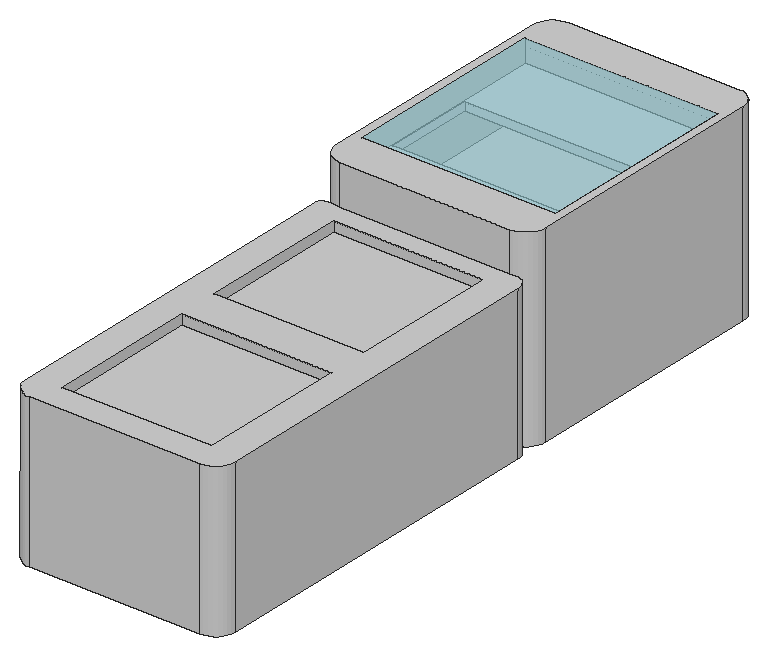
Revit family "Building-QuadriIEC309-GEWISS-68QDIN-QUADRI-PRESE-5MOD_2PRESE-16A", category Apparecchi elettrici, host Superficie, Revit 2019
Family settings
  Host = Superficie
  Mantenere orientamento annotazione = Sì
  Quota connettore circolare = Usa diametro
  Tipo di parte = Normale
  Taglio con vuoti quando caricato = No
  Condiviso = No
  Punto di calcolo locali = Sì
Parameters (values of type "GW68018N - Q-DIN 5M 2FLANGE PR.16A IP65")
  visibilita posizionamento 2d [instance] = yes
  simbolo 2d [instance] = yes
  oggetto in pianta [instance] = not(visibilita posizionamento 2d)  # no
  distanza_simbolo [instance] = 0.1 mm
  bordo acceso [instance] = yes
  Visibilità sportello [instance] = yes
  Versione file RFA = "21.5"
  VETRO = Vetro
  URL = "https://www.gewiss.com/it/it"
  Tipologia di installazione = "Da parete"
  Tipo versione = "Vuoto"
  Termopressione con biglia = "70 °C"
  Temperatura di utilizzo = "-25 +40 °C"
  Spostamento_effettivo_S [instance] = 4000 mm - Spostamento_S  # 3000 mm
  Spostamento_S = 1000 mm
  Simbolo_quadro [instance] = not(simbolo 2d)  # no
  Scheda Tecnica = "https://www.gewiss.com/it/it/search?q=GW68018N"
  STRUTTURA ALTA = Poche
  STRUTTURA = RAL - 7035
  SEO = "Quadretto"
  Resistenza agli urti = "IK08"
  Default Elevation = 1219.2 mm
  Produttore = "GEWISS S.p.A."
  Potenza dissipabile B (W) = "37"
  Potenza dissipabile A (W) = "10"
  PRESA = rosso
  POMELLO = bianco
  N_moduli = 5 mm
  N. prese alloggiabili = "2 IEC 309 16 A IP44/67"
  N. mod. EN 50022 = "5"
  N. coperchi ciechi in dotazione = "-"
  Modello = "GW68018N"
  L_moduli = N_moduli * 19  # 95 mm
  Immagine tipo = GW68018N.jpg
  IDT = "7f2f8e9d144b46a0836ce811937ca44a"
  IDF = "ef96b7ee-d67c-44b5-b463-7067f1c5915d"
  Grado di protezione = "IP65"
  Glow Wire Test = "650°C"
  Descrizione = "Q-DIN 5M 2FLANGE PR.16A IP65"
  Creato da GEWISS S.p.A. = ""
  ConformitÃ  normativa = "EN 62208"
  Colore = "Grigio RAL 7035"
  Codice Electrocod = "2242"
  Classe isolamento = "II"
  Catalogo = "BUILDING"
  COBie.Tagnumber = ""
  COBie.CreatedOn = ""
  COBie.CreatebBy = ""
  COBie.ComponentRegisterItemID = ""
  COBie.Component.TagNumber = ""
  COBie.Component.Space = ""
  COBie.Component.SerialNumber = ""
  COBie.Component.InstallationDate = ""
  COBie.Component.Description = ""
  COBie.Component.BarCode = ""
Reference planes
  plane 1 "Centro (Fronte/Retro)": y = 0
  plane 2: z = 0
  plane 3 "Centro (Sinistra/Destra)": x = 0
  plane 4: x = -3000
  plane 5: x = 0
Forms (mm)
  Extrusion 1, solid, material "RAL - 7035" <- "STRUTTURA", detail levels coarse
    sketch origin (0, 0, 0) x (0, 1, 0) y (0, 0, 1)
      loop
        line (0, 96) -> (0, 0) -> (337, 0) -> (337, 96) -> (0, 96)
    from -52.5 to 52.5
Lines and regions (mm)
  Masking region 1, visible <- "visibilita posizionamento 2d"
    outline origin (0, 0, 0) x (1, 0, 0) y (0, 0, 1)
      loop
        line (-52.5, 0) -> (52.5, 0) -> (52.5, 96) -> (-52.5, 96) -> (-52.5, 0)
Dimensions and locks
  plane 4 to plane 3 "Centro (Sinistra/Destra)" = 3000 mm
  "Spostamento_effettivo_S": plane 4 to plane 5
  aligned and locked: plane 2 to host face
  aligned and locked: level to host face
  aligned and locked: nested 1 to plane 5
  aligned and locked: nested 3 to plane 5
  aligned and locked: Extrusion 1 sketch curve to nested 2
  aligned and locked: plane 1 "Centro (Fronte/Retro)" to nested 2
  aligned and locked: nested 2 to plane 5
  aligned and locked: Extrusion 1 to nested 2
Automatic sketch dimensions
  host sketch curve to host sketch curve = 2438.4 mm  (x2)
  Extrusion 1 sketch curve to level = 0 mm
  Extrusion 1 sketch curve to plane 1 "Centro (Fronte/Retro)" = 0 mm
  Extrusion 1 sketch curve to plane 1 "Centro (Fronte/Retro)" = 337 mm
  Masking region 1 sketch curve to level = 0 mm
  Masking region 1 sketch curve to plane 3 "Centro (Sinistra/Destra)" = 52.5 mm
  plane 3 "Centro (Sinistra/Destra)" to Masking region 1 sketch curve = 52.5 mm
  Masking region 1 sketch curve to Masking region 1 sketch curve = 96 mm
Nested families
  nested 1: "CENTRALINO" at (0, 737.795, 0), BORDO ACCESO <- "bordo acceso", SIMBOLO ACCESO <- "simbolo 2d", Distanza dal muro <- "distanza_simbolo", visible <- "simbolo 2d", type "CENTRALINO"
    with SIMBOLO ACCESO yes, Distanza dal muro 0.1 mm, BORDO ACCESO yes
  nested 2: "base_68QDIN5 QUADRO DISTRIBUZ X 2 PRESE IND 16A" at (0, 194, 0), type "base_68QDIN5 QUADRO DISTRIBUZ X 2 PRESE IND 16A", detail levels medium+fine
  nested 3: "simb_CENTRALINO_BASE_cad pro" at (0, 737.795, 0), Distanza dal muro <- "distanza_simbolo", visible <- "Simbolo_quadro", SIMBOLO ACCESO <- "Simbolo_quadro", type "simb_CENTRALINO_BASE_cad pro"
    with SIMBOLO ACCESO no, Distanza dal muro 0.1 mm, BORDO ACCESO yes
Definition of nested family "base_68QDIN5 QUADRO DISTRIBUZ X 2 PRESE IND 16A"
  Parameters (values of type "base_68QDIN5 QUADRO DISTRIBUZ X 2 PRESE IND 16A")
    n_moduli = 5 mm
    h_moduli = 45 mm  # constant formula
    Vetro = none
    Struttura = none
    Spessore = 96 mm  # constant formula
    Default Elevation = 14 mm
    Presa = none
    Lunghezza = 105 mm  # constant formula
    Larghezza = 105 mm  # constant formula
    L_moduli = n_moduli * 19  # 95 mm
    IFC.TypeObject = ""
    IFC.ExportType = ""
    IFC.ExportAs = ""
    COBie.CreatedOn = ""
    COBie.CreatebBy = ""
    COBie.ComponentRegisterItemID = ""
    COBie.Component.TagNumber = ""
    COBie.Component.Space = ""
    COBie.Component.SerialNumber = ""
    COBie.Component.InstallationDate = ""
    COBie.Component.Description = ""
    COBie.Component.BarCode = ""
    Altezza scatole = 350 mm  # constant formula
    Altezza quadro = 150 mm
    Altezza = 258 mm
  Reference planes
    plane 1 "Centro (Fronte/Retro)": y = 0
    plane 2: z = 0
    plane 3 "Centro (Sinistra/Destra)": x = 0
    plane 4: z = 62.089
    plane 5: z = 103.126
    plane 6: z = 76.196
    plane 7: x = -52.5
    plane 8: x = 52.5
    plane 9: x = -48.5
    plane 10: x = 48.5
    plane 11: y = 123.21
    plane 12: y = 21.246
    plane 13: y = 0
    plane 14: y = -105
    plane 15: y = -180
    plane 16: y = -85
    plane 17: y = -10
    plane 18: y = -194
    plane 19: y = 143
    plane 20: z = 71.196
    plane 21: y = 84
    plane 22: y = 39
    plane 23: x = -47.5
    plane 24: x = 47.5
    plane 25: z = 92.059
    plane 26: z = 96
    plane 27 "posizionamento moduli": z = 84.734
    plane 28: z = 80.558
    plane 29: y = 61.5
  Forms (mm)
    Extrusion 1, solid, material <- "Struttura"
      sketch origin (0, -857.311, 0) x (1, 0, 0) y (0, 1, 0)
        loop
          arc (-42.5, 1000.311) -> (-49.571, 997.382) -> (-52.5, 990.311) r 10
          line (-52.5, 990.311) -> (-52.5, 867.311)
          arc (-52.5, 867.311) -> (-49.571, 860.24) -> (-42.5, 857.311) r 10
          line (-42.5, 857.311) -> (42.5, 857.311)
          arc (42.5, 857.311) -> (49.571, 860.24) -> (52.5, 867.311) r 10
          line (52.5, 867.311) -> (52.5, 990.311)
          arc (52.5, 990.311) -> (49.571, 997.382) -> (42.5, 1000.311) r 10
          line (42.5, 1000.311) -> (-42.5, 1000.311)
      from 0 to 96
    Extrusion 2, solid, material <- "Struttura"
      sketch origin (0, -857.311, 0) x (1, 0, 0) y (0, 1, 0)
        loop
          line (44.95, 857.311) -> (-48.88, 857.311)
          arc (-48.88, 857.311) -> (-51.44, 856.251) -> (-52.5, 853.691) r 3.62
          line (-52.5, 853.691) -> (-52.5, 673.311)
          arc (-52.5, 673.311) -> (-49.571, 666.24) -> (-42.5, 663.311) r 10
          line (-42.5, 663.311) -> (42.5, 663.311)
          arc (42.5, 663.311) -> (49.571, 666.24) -> (52.5, 673.311) r 10
          line (52.5, 673.311) -> (52.5, 849.76)
          arc (52.5, 849.76) -> (50.289, 855.099) -> (44.95, 857.311) r 7.55
      from 0 to 76.196
    Extrusion 3, void
      sketch origin (0, -857.311, 0) x (1, 0, 0) y (0, 1, 0)
        loop
          line (-48.5, 980.52) -> (-48.5, 878.557) -> (48.5, 878.557) -> (48.5, 980.52) -> (-48.5, 980.52)
      from 62.089 to 96
    Extrusion 4, solid, material <- "Vetro", detail levels fine
      sketch origin (0, -857.311, 0) x (1, 0, 0) y (0, 1, 0)
        loop
          line (-48.5, 980.52) -> (-48.5, 878.557) -> (48.5, 878.557) -> (48.5, 980.52) -> (-48.5, 980.52)
      from 92.059 to 96
    Extrusion 5, void
      sketch origin (0, -857.311, 0) x (1, 0, 0) y (0, 1, 0)
        loop
          line (-37.506, 847.311) -> (-37.506, 772.311) -> (37.506, 772.311) -> (37.506, 847.311) -> (-37.506, 847.311)
      from 71.196 to 76.196
    Extrusion 6, void
      sketch origin (0, -992.311, 0) x (1, 0, 0) y (0, 1, 0)
        loop
          line (-37.506, 887.311) -> (-37.506, 812.311) -> (37.506, 812.311) -> (37.506, 887.311) -> (-37.506, 887.311)
      from 71.196 to 76.196
    Extrusion 7, void
      sketch origin (0, 0, 0) x (1, 0, 0) y (0, 1, 0)
        loop
          line (-47.5, 39) -> (47.5, 39) -> (47.5, 84) -> (-47.5, 84) -> (-47.5, 39)
      from 80.558 to 84.734
    Extrusion 8, solid
      sketch origin (0, 0, 0) x (1, 0, 0) y (0, 1, 0)
        loop
          line (-48.5, 123.21) -> (-48.5, 21.246) -> (48.5, 21.246) -> (48.5, 123.21) -> (-48.5, 123.21)
      from 80.558 to 84.734
  Cuts and joins
    Extrusion 3 cuts Extrusion 1
    Extrusion 5, Extrusion 6 cuts Extrusion 2
    Extrusion 7 cuts Extrusion 8
    Extrusion 7 cuts Extrusion 4
  Lines and regions (mm)
    model lines
      curve 1: line (-47.5, 61.5, 84.734) -> (47.5, 61.5, 84.734)
  Dimensions and locks
    locked: plane 4 to plane 5 at 41.036
    locked: plane 7 to plane 9 at 4
    locked: plane 10 to plane 8 at 4
    equal spacing: plane 7, plane 3 "Centro (Sinistra/Destra)", plane 8
    "Larghezza": plane 7 to plane 8
    plane 13 to plane 17 = 10 mm
    locked: plane 16 to plane 14 at 20
    plane 17 to plane 16 = 75 mm
    plane 14 to plane 15 = 75 mm
    plane 1 "Centro (Fronte/Retro)" to plane 19 = 143 mm
    plane 18 to plane 13 = 194 mm
    plane 12 to plane 1 "Centro (Fronte/Retro)" = 21.246 mm
    plane 11 to plane 19 = 19.79 mm
    locked: plane 6 to plane 20 at 5
    locked: plane 19 to plane 21 at 59
    "h_moduli": plane 21 to plane 22
    equal spacing: plane 23, plane 3 "Centro (Sinistra/Destra)", plane 24
    "L_moduli": plane 23 to plane 24
    locked: plane 26 to plane 25 at 3.941
    plane 6 to plane 2 = 76.196 mm
    locked: plane 25 to plane 27 "posizionamento moduli" at 7.325
    locked: plane 27 "posizionamento moduli" to plane 28 at 4.176
    equal spacing: plane 21, plane 29, plane 22
    radius of Extrusion 2 sketch curve = 10 mm  (x2)
    radius of Extrusion 2 sketch curve = 3.62 mm
    radius of Extrusion 2 sketch curve = 7.55 mm
    radius of Extrusion 1 sketch curve = 10 mm  (x4)
    aligned and locked: level to plane 2
    aligned and locked: cut or joined group of Extrusion 1, Extrusion 3 to plane 4  (x2)
    aligned and locked: Extrusion 2 to plane 6
    aligned and locked: plane 7 to Extrusion 2 sketch curve
    aligned and locked: plane 8 to Extrusion 2 sketch curve
    aligned and locked: plane 8 to Extrusion 1 sketch curve
    aligned and locked: plane 7 to Extrusion 1 sketch curve
    aligned and locked: Extrusion 4 sketch curve to plane 9
    aligned and locked: Extrusion 4 sketch curve to plane 10
    aligned and locked: Extrusion 3 sketch curve to plane 9
    aligned and locked: Extrusion 3 sketch curve to plane 10
    aligned and locked: Extrusion 4 sketch curve to plane 11
    aligned and locked: plane 12 to Extrusion 4 sketch curve
    aligned and locked: Extrusion 3 sketch curve to plane 11
    aligned and locked: plane 12 to Extrusion 3 sketch curve
    aligned and locked: plane 13 to Extrusion 1 sketch curve
    aligned and locked: Extrusion 2 sketch curve to plane 13
    aligned and locked: plane 18 to Extrusion 2 sketch curve
    aligned and locked: Extrusion 5 to plane 16
    aligned and locked: plane 17 to Extrusion 5
    aligned and locked: plane 14 to Extrusion 6
    aligned and locked: plane 1 "Centro (Fronte/Retro)" to plane 13
    aligned and locked: plane 19 to Extrusion 1 sketch curve
    aligned and locked: Extrusion 6 to plane 15
    aligned and locked: Extrusion 6 to plane 20
    aligned and locked: Extrusion 6 to plane 6
    aligned and locked: Extrusion 5 to plane 20
    aligned and locked: Extrusion 5 to plane 6
    aligned and locked: Extrusion 7 sketch curve to plane 23
    aligned and locked: Extrusion 7 sketch curve to plane 21
    aligned and locked: Extrusion 7 sketch curve to plane 22
    aligned and locked: Extrusion 7 sketch curve to plane 24
    aligned and locked: plane 26 to cut or joined group of Extrusion 1, Extrusion 3
    aligned and locked: plane 27 "posizionamento moduli" to Extrusion 7
    aligned and locked: Extrusion 7 to plane 28
    aligned and locked: Extrusion 8 sketch curve to plane 11
    aligned and locked: Extrusion 8 sketch curve to plane 12
    aligned and locked: Extrusion 8 to plane 28
    aligned and locked: plane 27 "posizionamento moduli" to Extrusion 8
    aligned and locked: Extrusion 8 sketch curve to Extrusion 4  (x2)
    aligned and locked: plane 29 to curve 1
  Automatic sketch dimensions
    Extrusion 5 sketch curve to plane 9 = 10.994 mm
    plane 10 to Extrusion 5 sketch curve = 10.994 mm
    plane 1 "Centro (Fronte/Retro)" to Extrusion 5 sketch curve = 85 mm
    plane 1 "Centro (Fronte/Retro)" to Extrusion 5 sketch curve = 10 mm
    Extrusion 6 sketch curve to plane 9 = 10.994 mm
    plane 10 to Extrusion 6 sketch curve = 10.994 mm
    plane 1 "Centro (Fronte/Retro)" to Extrusion 6 sketch curve = 180 mm
    Extrusion 6 sketch curve to Extrusion 6 sketch curve = 75 mm
    curve 1 to plane 24 = 0 mm
    curve 1 to plane 23 = 0 mm
Definition of nested family "CENTRALINO"
  Parameters (values of type "CENTRALINO")
    SIMBOLO ACCESO [instance] = yes
    Distanza dal muro [instance] = 0 mm
    BORDO ACCESO [instance] = yes
  Reference planes
    plane 1: y = 0
    plane 2: x = 0
  Dimensions and locks
    "Distanza dal muro": plane 1 to nested 1
    aligned and locked: plane 2 to nested 1
  Nested families
    nested 1: "CENTRALINO_BASE" at (0, 0, 0), BORDO ACCESO <- "BORDO ACCESO", visible <- "SIMBOLO ACCESO", type "CENTRALINO"
      with BORDO ACCESO yes
  Definition of nested family "CENTRALINO_BASE"
    Parameters (values of type "CENTRALINO")
      Distanza dal muro = 0 mm
      BORDO ACCESO [instance] = yes
    Reference planes
      plane 1: y = 0
      plane 2: x = 0
    Lines and regions (mm)
      detail lines, visible <- "BORDO ACCESO", not visible
        curve 1: line (-2.443, 10.208, 0) -> (2.057, 10.208, 0)
        curve 2: line (2.057, 10.208, 0) -> (2.057, 4.208, 0)
        curve 3: line (2.057, 4.208, 0) -> (-2.443, 4.208, 0)
        curve 4: line (-2.443, 4.208, 0) -> (-2.443, 10.208, 0)
        curve 5: line (-2.043, 9.808, 0) -> (1.657, 9.808, 0)
        curve 6: line (1.657, 9.808, 0) -> (1.657, 4.608, 0)
        curve 7: line (1.657, 4.608, 0) -> (-2.043, 4.608, 0)
        curve 8: line (-2.043, 4.608, 0) -> (-2.043, 9.808, 0)
      detail lines
        curve 9: line (0, 0.671, 0) -> (0, 0, 0)
        curve 10: line (0.659, 0.671, 0) -> (0.659, 1.33, 0)
        curve 11: line (0.659, 1.33, 0) -> (-0.659, 1.33, 0)
        curve 12: line (-0.659, 1.33, 0) -> (-0.659, 0.671, 0)
        curve 13: line (-0.659, 0.671, 0) -> (0.659, 0.671, 0)
        curve 14: line (0.497, 1.33, 0) -> (0.497, 2, 0)
        curve 15: line (0.167, 1.33, 0) -> (0.167, 2, 0)
        curve 16: line (-0.162, 1.33, 0) -> (-0.162, 2, 0)
        curve 17: line (-0.491, 1.33, 0) -> (-0.491, 2, 0)
Definition of nested family "simb_CENTRALINO_BASE_cad pro"
  Parameters (values of type "simb_CENTRALINO_BASE_cad pro")
    SIMBOLO ACCESO [instance] = yes
    Distanza dal muro [instance] = 0 mm
    BORDO ACCESO [instance] = yes
  Reference planes
    plane 1: y = 0
    plane 2: x = 0
  Dimensions and locks
    "Distanza dal muro": plane 1 to nested 1
    aligned and locked: plane 2 to nested 1
  Nested families
    nested 1: "CENTRALINO_BASE_cad pro" at (0, 0, 0), type "CENTRALINO"
  Definition of nested family "CENTRALINO_BASE_cad pro"
    Parameters (values of type "CENTRALINO")
      Distanza dal muro = 0 mm
    Reference planes
      plane 1: y = 0
      plane 2: x = 0
    Lines and regions (mm)
      detail lines
        curve 1: line (1.33, 1.33, 0) -> (2.109, 1.33, 0)
        curve 2: line (2.109, 1.33, 0) -> (2.109, 0, 0)
        curve 3: line (2.109, 0, 0) -> (1.33, 0, 0)
        curve 4: line (1.33, 0, 0) -> (-1.33, 1.33, 0)
        curve 5: line (-1.33, 1.33, 0) -> (1.33, 1.33, 0)
        curve 6: line (1.33, 1.33, 0) -> (1.33, 0, 0)
        curve 7: line (1.33, 0, 0) -> (-1.33, 0, 0)
        curve 8: line (-1.33, 0, 0) -> (-1.33, 1.33, 0)
        curve 9: line (1.461, 0.665, 0) -> (1.977, 0.665, 0)
        curve 10: line (1.719, 0.665, 0) -> (1.719, 1.01, 0)
        curve 11: arc (1.977, 0.406, 0) -> (1.719, 0.665, 0) -> (1.461, 0.406, 0) r 0.258
